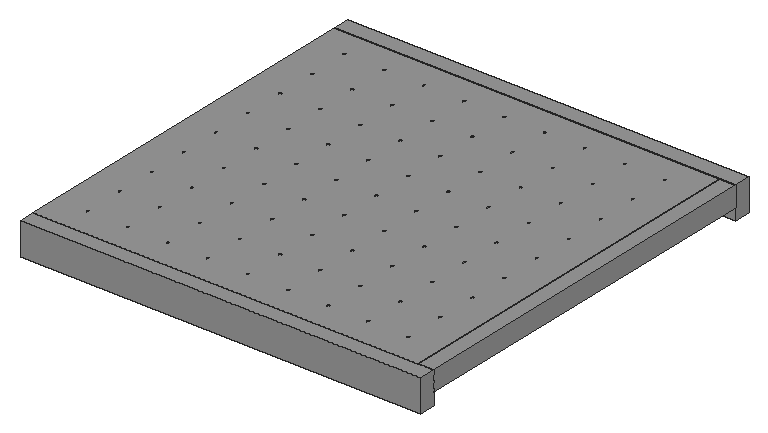
Revit family "砼护底 - 单块", category 常规模型, Revit 2019
Family settings
  可将钢筋附着到主体 = 是
  圆形连接件大小 = 使用直径
  零件类型 = 标准
  基于工作平面 = 否
  总是垂直 = 是
  加载时剪切的空心 = 是
  共享 = 否
  房间计算点 = 否
Parameters
  水平格梗高度 = 800 mm
  水平格梗宽度 [instance] = 400 mm
  砼护底材料 = 素混凝土 C25
  沙石垫层材料 = 沙石垫层
  沙石垫层厚 = 80 mm
  格梗材料 = 素混凝土 C25
  排水孔行数 [instance] = rounddown(单块护底纵向长度 / 排水孔行间距)  # 9
  排水孔列间距 = 1000 mm
  排水孔行间距 = 1000 mm
  排水孔半径 = 25 mm
  排水孔列数 [instance] = rounddown(单块护底水平长度 / 排水孔列间距)  # 9
  护底厚 = 200 mm
  总长度 [instance] = 10000 mm
  总宽度 [instance] = 10200 mm
  型号 = "BOTTOM_PROTECTION"
  单块护底纵向长度 [instance] = 总宽度 - 2 * 水平格梗宽度  # 9400 mm
  单块护底水平长度 [instance] = 总长度 - 纵向格梗宽度  # 9600 mm
  纵向格梗高度 = 500 mm
  纵向格梗宽度 [instance] = 400 mm
  y [instance] = (单块护底纵向长度 - (排水孔行数 - 1) * 排水孔行间距) / 2  # 700 mm
  x [instance] = (单块护底水平长度 - (排水孔列数 - 1) * 排水孔列间距) / 2  # 800 mm
Reference planes
  plane 1 "中心(前/后)": y = 0
  plane 2: z = 0
  plane 3 "中心(左/右)": x = 0
  plane 4: z = -200
  plane 5: z = -280
  plane 6: z = -500
  plane 7: z = -800
  plane 8: y = 5100
  plane 9: y = -5100
  plane 10: y = 4700
  plane 11: y = -4700
  plane 12: x = 10000
  plane 13: x = 9600
  plane 14: y = -4000
  plane 15: x = 800
Forms (mm)
  Extrusion 1, solid, material "素混凝土 C25" <- "砼护底材料"
    sketch origin (0, 0, 0) x (1, 0, 0) y (0, 1, 0)
      loop
        line (0, 4700) -> (0, -4700) -> (9600, -4700) -> (9600, 4700) -> (0, 4700)
    from 0 to -200
  Extrusion 2, solid, material "沙石垫层" <- "沙石垫层材料"
    sketch origin (0, 0, 0) x (1, 0, 0) y (0, 1, 0)
      loop
        line (0, 4700) -> (0, -4700) -> (9600, -4700) -> (9600, 4700) -> (0, 4700)
    from -200 to -280
  Extrusion 3, solid, material "素混凝土 C25" <- "格梗材料"
    sketch origin (0, 0, 0) x (1, 0, 0) y (0, 1, 0)
      loop
        line (0, 5100) -> (0, 4700) -> (10000, 4700) -> (10000, 5100) -> (0, 5100)
      loop
        line (0, -5100) -> (10000, -5100) -> (10000, -4700) -> (0, -4700) -> (0, -5100)
    from 0 to -800
  Extrusion 4, solid, material "素混凝土 C25" <- "格梗材料"
    sketch origin (0, 0, 0) x (1, 0, 0) y (0, 1, 0)
      loop
        line (9600, 4700) -> (9600, -4700) -> (10000, -4700) -> (10000, 4700) -> (9600, 4700)
    from 0 to -500
Dimensions and locks
  "护底厚": level to plane 4
  "沙石垫层厚": plane 4 to plane 5
  "纵向格梗高度": level to plane 6
  "水平格梗高度": level to plane 7
  equal spacing: plane 10, plane 1 "中心(前/后)", plane 11
  "水平格梗宽度": plane 8 to plane 10
  "水平格梗宽度": plane 9 to plane 11
  "纵向格梗宽度": plane 13 to plane 12
  "单块护底纵向长度": plane 10 to plane 11
  "y": plane 14 to plane 11
  "x": plane 3 "中心(左/右)" to plane 15
  "单块护底水平长度": plane 3 "中心(左/右)" to plane 13
  aligned and locked: level to plane 2
  aligned and locked: Extrusion 1 sketch curve to plane 10
  aligned and locked: plane 3 "中心(左/右)" to Extrusion 1 sketch curve
  aligned and locked: plane 11 to Extrusion 1 sketch curve
  aligned and locked: Extrusion 1 sketch curve to plane 13
  aligned and locked: level to Extrusion 1
  aligned and locked: Extrusion 1 to plane 4
  aligned and locked: Extrusion 2 sketch curve to Extrusion 1  (x4)
  aligned and locked: Extrusion 2 to plane 5
  aligned and locked: plane 4 to Extrusion 2
  aligned and locked: Extrusion 3 sketch curve to plane 8
  aligned and locked: plane 3 "中心(左/右)" to Extrusion 3 sketch curve
  aligned and locked: plane 10 to Extrusion 3 sketch curve
  aligned and locked: Extrusion 3 sketch curve to plane 12
  aligned and locked: Extrusion 3 sketch curve to plane 9
  aligned and locked: Extrusion 3 sketch curve to plane 3 "中心(左/右)"
  aligned and locked: plane 11 to Extrusion 3 sketch curve
  aligned and locked: plane 12 to Extrusion 3 sketch curve
  aligned and locked: Extrusion 3 to plane 7
  aligned and locked: Extrusion 3 to level
  aligned and locked: Extrusion 4 sketch curve to Extrusion 1  (x2)
  aligned and locked: Extrusion 4 sketch curve to Extrusion 3  (x2)
  aligned and locked: Extrusion 4 to plane 6
  aligned and locked: Extrusion 4 to level
  aligned and locked: nested 1 to plane 15
  aligned and locked: nested 1 to plane 14
Nested families
  nested 1: "排水孔_阵列" at (800, -4000, 0), 孔半径 <- "排水孔半径", 行间距 <- "排水孔行间距", 列间距 <- "排水孔列间距", 行数 <- "排水孔行数", 列数 <- "排水孔列数", type "排水孔_阵列"
    with 行间距 1000 mm, 行数 9, 孔半径 25 mm, 列间距 1000 mm, 列数 9
Definition of nested family "排水孔_阵列"
  Parameters (values of type "排水孔_阵列")
    Default Elevation = 1000 mm
    行间距 [instance] = 600 mm
    行数 [instance] = 7
    孔半径 [instance] = 50 mm
    列间距 [instance] = 700 mm
    列数 [instance] = 4
  Reference planes
    plane 1 "中心(前/后)": y = 0
    plane 2: z = 0
    plane 3 "中心(左/右)": x = 0
    plane 4: y = 600
    plane 5: x = 700
  Forms (mm)
    Extrusion 1, solid
      sketch origin (0, 0, 0) x (1, 0, 0) y (0, 1, 0)
        loop
          line (-1219.2, 30000) -> (-1219.2, -1219.2) -> (34087.079, -1219.2) -> (34087.079, 30000) -> (-1219.2, 30000)
      from 0 to -304.8
  Dimensions and locks
    "行间距": plane 4 to plane 1 "中心(前/后)"
    "列间距": plane 3 "中心(左/右)" to plane 5
    equal spacing: group 1, group 2, group 3, group 4  (x3)
    aligned and locked: Extrusion 1 to plane 2
    aligned and locked: Extrusion 1 to level
    aligned and locked: plane 3 "中心(左/右)" to nested 1
    aligned and locked: plane 1 "中心(前/后)" to nested 1
    aligned and locked: plane 1 "中心(前/后)" to nested 2
    aligned and locked: plane 5 to nested 2
  Automatic sketch dimensions
    Extrusion 1 sketch curve to Extrusion 1 sketch curve = 35306.279 mm
    Extrusion 1 sketch curve to Extrusion 1 sketch curve = 31219.2 mm
  Nested families
    nested 1: "排水孔_列" at (0, 0, 0), 孔半径 <- "孔半径", 行间距 <- "行间距", 行数 <- "行数", type "排水孔_列"
      with 行间距 600 mm, 行数 7, 孔半径 50 mm
    nested 2: "排水孔_列" at (700, 0, 0), 孔半径 <- "孔半径", 行间距 <- "行间距", 行数 <- "行数", type "排水孔_列"
      with 行间距 600 mm, 行数 7, 孔半径 50 mm
    nested 3: "排水孔_列" at (1400, 0, 0), 孔半径 <- "孔半径", 行间距 <- "行间距", 行数 <- "行数", type "排水孔_列"
      with 行间距 600 mm, 行数 7, 孔半径 50 mm
    nested 4: "排水孔_列" at (2100, 0, 0), 孔半径 <- "孔半径", 行间距 <- "行间距", 行数 <- "行数", type "排水孔_列"
      with 行间距 600 mm, 行数 7, 孔半径 50 mm
  Definition of nested family "排水孔_列"
    Parameters (values of type "排水孔_列")
      Default Elevation = 1219.2 mm
      行间距 [instance] = 700 mm
      孔半径 [instance] = 50 mm
      行数 [instance] = 4
    Reference planes
      plane 1 "中心(前/后)": y = 0
      plane 2: z = 0
      plane 3 "中心(左/右)": x = 0
      plane 4: y = 700
    Forms (mm)
      Extrusion 1, solid
        sketch origin (0, 0, 0) x (1, 0, 0) y (0, 1, 0)
          loop
            line (-1219.2, 30000) -> (-1219.2, -1219.2) -> (34087.079, -1219.2) -> (34087.079, 30000) -> (-1219.2, 30000)
        from 0 to -304.8
    Dimensions and locks
      "行间距": plane 4 to plane 1 "中心(前/后)"
      equal spacing: group 1, group 2, group 3, group 4  (x3)
      aligned and locked: Extrusion 1 to plane 2
      aligned and locked: Extrusion 1 to level
      aligned and locked: plane 3 "中心(左/右)" to nested 1
      aligned and locked: plane 1 "中心(前/后)" to nested 1
      aligned and locked: nested 2 to plane 4
      aligned and locked: plane 3 "中心(左/右)" to nested 2
    Automatic sketch dimensions
      Extrusion 1 sketch curve to Extrusion 1 sketch curve = 35306.279 mm
      Extrusion 1 sketch curve to Extrusion 1 sketch curve = 31219.2 mm
    Nested families
      nested 1: "单_排水孔" at (0, 0, 0), 孔半径 <- "孔半径", type "单_排水孔"
        with 孔半径 50 mm
      nested 2: "单_排水孔" at (0, 700, 0), 孔半径 <- "孔半径", type "单_排水孔"
        with 孔半径 50 mm
      nested 3: "单_排水孔" at (0, 1400, 0), 孔半径 <- "孔半径", type "单_排水孔"
        with 孔半径 50 mm
      nested 4: "单_排水孔" at (0, 2100, 0), 孔半径 <- "孔半径", type "单_排水孔"
        with 孔半径 50 mm
    Definition of nested family "单_排水孔"
      Parameters (values of type "单_排水孔")
        Default Elevation = 1219.2 mm
        孔半径 [instance] = 50 mm
      Reference planes
        plane 1 "中心(前/后)": y = 0
        plane 2: z = 0
        plane 3 "中心(左/右)": x = 0
      Forms (mm)
        Extrusion 1, solid
          sketch origin (0, 0, 0) x (1, 0, 0) y (0, 1, 0)
            loop
              line (-1219.2, 1219.2) -> (-1219.2, -1219.2) -> (1219.2, -1219.2) -> (1219.2, 1219.2) -> (-1219.2, 1219.2)
          from 0 to -304.8
        Extrusion 2, void
          sketch origin (0, 0, 0) x (1, 0, 0) y (0, 1, 0)
            loop
              circle (0, 0) r 50
          from -9999 to 9999
      Dimensions and locks
        "孔半径": radius of Extrusion 2 sketch curve
        aligned and locked: plane 2 to Extrusion 1
        aligned and locked: level to Extrusion 1
      Automatic sketch dimensions
        Extrusion 1 sketch curve to Extrusion 1 sketch curve = 2438.4 mm  (x2)
        plane 1 "中心(前/后)" to Extrusion 2 sketch curve = 0 mm
        Extrusion 2 sketch curve to plane 3 "中心(左/右)" = 0 mm
